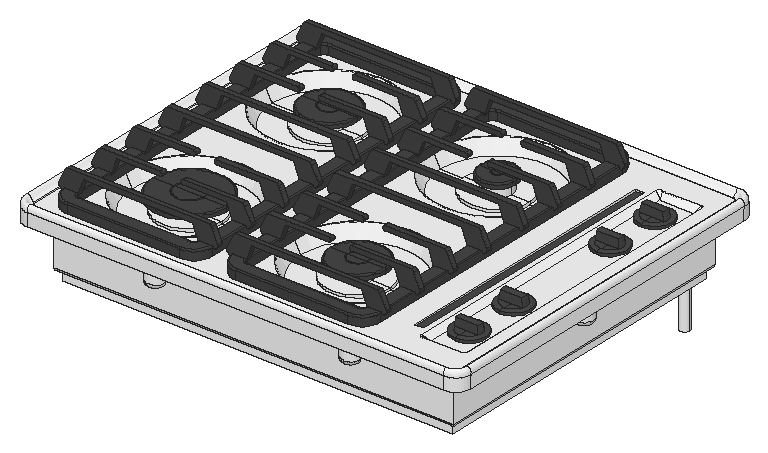
Revit family "QF_Summit_WTL033S_Cooktop", category Specialty Equipment, Revit 2020 (continued)
Definition of nested family "Summit_Cast"
  Forms (in)
    Extrusion 4, solid
      sketch origin (0, -6.75, 0) x (1, 0, 0) y (0, 0, 1)
        loop
          line (0.74803, 0.3877) -> (1.06188, 1.25) -> (6.93812, 1.25) -> (7.25197, 0.3877) -> (8.14564, 0.3877) -> (8.25406, 0.49612)
          arc (8.25406, 0.49612) -> (8.2924, 0.56977) -> (8.28157, 0.65209) r 0.13806
          line (8.28157, 0.65209) -> (7.93816, 1.38852) -> (7.82668, 1.5) -> (0.17332, 1.5) -> (0.06184, 1.38852) -> (-0.28157, 0.65209)
          arc (-0.28157, 0.65209) -> (-0.2924, 0.56977) -> (-0.25406, 0.49612) r 0.13806
          line (-0.25406, 0.49612) -> (-0.14564, 0.3877) -> (0.74803, 0.3877)
      from 1 to 1.25
    Extrusion 5, solid
      sketch origin (0, -4.5, 0) x (1, 0, 0) y (0, 0, 1)
        loop
          line (0.74803, 0.3877) -> (1.06188, 1.25) -> (3.36913, 1.25)
          arc (3.36913, 1.25) -> (3.49413, 1.375) -> (3.36913, 1.5) r 0.125
          line (3.36913, 1.5) -> (0.17332, 1.5) -> (0.06184, 1.38852) -> (-0.28157, 0.65209)
          arc (-0.28157, 0.65209) -> (-0.2924, 0.56977) -> (-0.25406, 0.49612) r 0.13806
          line (-0.25406, 0.49612) -> (-0.14564, 0.3877) -> (0.74803, 0.3877)
        loop
          line (7.25197, 0.3877) -> (8.14564, 0.3877) -> (8.25406, 0.49612)
          arc (8.25406, 0.49612) -> (8.2924, 0.56977) -> (8.28157, 0.65209) r 0.13806
          line (8.28157, 0.65209) -> (7.93816, 1.38852) -> (7.82668, 1.5) -> (4.62959, 1.5)
          arc (4.62959, 1.5) -> (4.50459, 1.375) -> (4.62959, 1.25) r 0.125
          line (4.62959, 1.25) -> (6.93812, 1.25) -> (7.25197, 0.3877)
      from 1 to 1.25
    Extrusion 6, solid
      sketch origin (0, -18.25, 0) x (1, 0, 0) y (0, 0, -1)
        loop
          line (0.74803, -0.3877) -> (-0.14564, -0.3877) -> (-0.25406, -0.49612)
          arc (-0.25406, -0.49612) -> (-0.2924, -0.56977) -> (-0.28157, -0.65209) r 0.13806
          line (-0.28157, -0.65209) -> (0.06184, -1.38852) -> (0.17332, -1.5) -> (7.82668, -1.5) -> (7.93816, -1.38852) -> (8.28157, -0.65209)
          arc (8.28157, -0.65209) -> (8.2924, -0.56977) -> (8.25406, -0.49612) r 0.13806
          line (8.25406, -0.49612) -> (8.14564, -0.3877) -> (7.25197, -0.3877) -> (6.93812, -1.25) -> (1.06188, -1.25) -> (0.74803, -0.3877)
      from 1 to 1.25
    Extrusion 7, solid
      sketch origin (0, -16, 0) x (1, 0, 0) y (0, 0, -1)
        loop
          line (0.74803, -0.3877) -> (-0.14564, -0.3877) -> (-0.25406, -0.49612)
          arc (-0.25406, -0.49612) -> (-0.2924, -0.56977) -> (-0.28157, -0.65209) r 0.13806
          line (-0.28157, -0.65209) -> (0.06184, -1.38852) -> (0.17332, -1.5) -> (3.36913, -1.5)
          arc (3.36913, -1.5) -> (3.49413, -1.375) -> (3.36913, -1.25) r 0.125
          line (3.36913, -1.25) -> (1.06188, -1.25) -> (0.74803, -0.3877)
        loop
          line (7.25197, -0.3877) -> (6.93812, -1.25) -> (4.62959, -1.25)
          arc (4.62959, -1.25) -> (4.50459, -1.375) -> (4.62959, -1.5) r 0.125
          line (4.62959, -1.5) -> (7.82668, -1.5) -> (7.93816, -1.38852) -> (8.28157, -0.65209)
          arc (8.28157, -0.65209) -> (8.2924, -0.56977) -> (8.25406, -0.49612) r 0.13806
          line (8.25406, -0.49612) -> (8.14564, -0.3877) -> (7.25197, -0.3877)
      from 1 to 1.25
    Extrusion 8, solid
      sketch origin (0, -11.5, 0) x (1, 0, 0) y (0, 0, -1)
        loop
          line (0.74803, -0.3877) -> (-0.14564, -0.3877) -> (-0.25406, -0.49612)
          arc (-0.25406, -0.49612) -> (-0.2924, -0.56977) -> (-0.28157, -0.65209) r 0.13806
          line (-0.28157, -0.65209) -> (0.06184, -1.38852) -> (0.17332, -1.5) -> (7.82668, -1.5) -> (7.93816, -1.38852) -> (8.28157, -0.65209)
          arc (8.28157, -0.65209) -> (8.2924, -0.56977) -> (8.25406, -0.49612) r 0.13806
          line (8.25406, -0.49612) -> (8.14564, -0.3877) -> (7.25197, -0.3877) -> (6.93812, -1.25) -> (1.06188, -1.25) -> (0.74803, -0.3877)
      from 1 to 1.25
    Extrusion 9, solid
      sketch origin (0, -13.75, 0) x (1, 0, 0) y (0, 0, -1)
        loop
          line (0.74803, -0.3877) -> (-0.14564, -0.3877) -> (-0.25406, -0.49612)
          arc (-0.25406, -0.49612) -> (-0.2924, -0.56977) -> (-0.28157, -0.65209) r 0.13806
          line (-0.28157, -0.65209) -> (0.06184, -1.38852) -> (0.17332, -1.5) -> (3.36913, -1.5)
          arc (3.36913, -1.5) -> (3.49413, -1.375) -> (3.36913, -1.25) r 0.125
          line (3.36913, -1.25) -> (1.06188, -1.25) -> (0.74803, -0.3877)
        loop
          line (7.25197, -0.3877) -> (6.93812, -1.25) -> (4.62959, -1.25)
          arc (4.62959, -1.25) -> (4.50459, -1.375) -> (4.62959, -1.5) r 0.125
          line (4.62959, -1.5) -> (7.82668, -1.5) -> (7.93816, -1.38852) -> (8.28157, -0.65209)
          arc (8.28157, -0.65209) -> (8.2924, -0.56977) -> (8.25406, -0.49612) r 0.13806
          line (8.25406, -0.49612) -> (8.14564, -0.3877) -> (7.25197, -0.3877)
      from 1 to 1.25
  Lines and regions (in)
    symbolic lines
      curve 1: line (7, -0.75, 1.5) -> (1, -0.75, 1.5)
      curve 2: arc (1, -0.75, 1.5) -> (0.82322, -0.82322, 1.5) -> (0.75, -1, 1.5) r 0.25
      curve 3: line (0.75, -1, 1.5) -> (0.75, -3.25, 1.5)
      curve 4: arc (0.75, -17.25, 1.5) -> (0.82322, -17.42678, 1.5) -> (1, -17.5, 1.5) r 0.25
      curve 5: line (1, -17.5, 1.5) -> (7, -17.5, 1.5)
      curve 6: arc (7, -17.5, 1.5) -> (7.17678, -17.42678, 1.5) -> (7.25, -17.25, 1.5) r 0.25
      curve 7: arc (7.25, -1, 1.5) -> (7.17678, -0.82322, 1.5) -> (7, -0.75, 1.5) r 0.25
      curve 8: arc (0, -1, 1.5) -> (0.29289, -0.29289, 1.5) -> (1, 0, 1.5) r 1
      curve 9: line (1, 0, 1.5) -> (7, 0, 1.5)
      curve 10: arc (7, 0, 1.5) -> (7.70711, -0.29289, 1.5) -> (8, -1, 1.5) r 1
      curve 11: arc (8, -17.25, 1.5) -> (7.70711, -17.95711, 1.5) -> (7, -18.25, 1.5) r 1
      curve 12: line (7, -18.25, 1.5) -> (1, -18.25, 1.5)
      curve 13: arc (1, -18.25, 1.5) -> (0.29289, -17.95711, 1.5) -> (0, -17.25, 1.5) r 1
      curve 14: line (-0.2945, -1.25, 1.5) -> (8.2945, -1.25, 1.5)
      curve 15: line (8.2945, -1, 1.5) -> (-0.2945, -1, 1.5)
      curve 16: line (-0.2945, -1, 1.5) -> (-0.2945, -1.25, 1.5)
      curve 17: line (8.2945, -1, 1.5) -> (8.2945, -1.25, 1.5)
      curve 18: line (4.50459, -3.25, 1.5) -> (8.2945, -3.25, 1.5)
      curve 19: line (4.50459, -3.5, 1.5) -> (4.50459, -3.25, 1.5)
      curve 20: line (8.2945, -3.5, 1.5) -> (4.50459, -3.5, 1.5)
      curve 21: line (8.2945, -3.25, 1.5) -> (8.2945, -3.5, 1.5)
      curve 22: line (-0.2945, -3.25, 1.5) -> (3.49413, -3.25, 1.5)
      curve 23: line (-0.2945, -3.5, 1.5) -> (-0.2945, -3.25, 1.5)
      curve 24: line (3.49413, -3.5, 1.5) -> (0, -3.5, 1.5)
      curve 25: line (3.49413, -3.25, 1.5) -> (3.49413, -3.5, 1.5)
      curve 26: line (-0.2945, -5.5, 1.5) -> (3.49413, -5.5, 1.5)
      curve 27: line (-0.2945, -5.75, 1.5) -> (-0.2945, -5.5, 1.5)
      curve 28: line (3.49413, -5.75, 1.5) -> (-0.2945, -5.75, 1.5)
      curve 29: line (3.49413, -5.5, 1.5) -> (3.49413, -5.75, 1.5)
      curve 30: line (4.50459, -5.5, 1.5) -> (8.2945, -5.5, 1.5)
      curve 31: line (4.50459, -5.75, 1.5) -> (4.50459, -5.5, 1.5)
      curve 32: line (8.2945, -5.75, 1.5) -> (4.50459, -5.75, 1.5)
      curve 33: line (8.2945, -5.5, 1.5) -> (8.2945, -5.75, 1.5)
      curve 34: line (-0.2945, -7.75, 1.5) -> (8.2945, -7.75, 1.5)
      curve 35: line (-0.2945, -8, 1.5) -> (-0.2945, -7.75, 1.5)
      curve 36: line (8.2945, -8, 1.5) -> (-0.2945, -8, 1.5)
      curve 37: line (8.2945, -7.75, 1.5) -> (8.2945, -8, 1.5)
      curve 38: line (-0.2945, -10.25, 1.5) -> (8.2945, -10.25, 1.5)
      curve 39: line (-0.2945, -10.5, 1.5) -> (-0.2945, -10.25, 1.5)
      curve 40: line (8.2945, -10.5, 1.5) -> (-0.2945, -10.5, 1.5)
      curve 41: line (8.2945, -10.25, 1.5) -> (8.2945, -10.5, 1.5)
      curve 42: line (-0.2945, -12.5, 1.5) -> (3.49413, -12.5, 1.5)
      curve 43: line (-0.2945, -12.75, 1.5) -> (-0.2945, -12.5, 1.5)
      curve 44: line (3.49413, -12.75, 1.5) -> (-0.2945, -12.75, 1.5)
      curve 45: line (3.49413, -12.5, 1.5) -> (3.49413, -12.75, 1.5)
      curve 46: line (4.50459, -12.5, 1.5) -> (8.2945, -12.5, 1.5)
      curve 47: line (4.50459, -12.75, 1.5) -> (4.50459, -12.5, 1.5)
      curve 48: line (8.2945, -12.75, 1.5) -> (4.50459, -12.75, 1.5)
      curve 49: line (8.2945, -12.5, 1.5) -> (8.2945, -12.75, 1.5)
      curve 50: line (-0.2945, -14.75, 1.5) -> (3.49413, -14.75, 1.5)
      curve 51: line (-0.2945, -15, 1.5) -> (-0.2945, -14.75, 1.5)
      curve 52: line (3.49413, -15, 1.5) -> (-0.2945, -15, 1.5)
      curve 53: line (3.49413, -14.75, 1.5) -> (3.49413, -15, 1.5)
      curve 54: line (4.50459, -14.75, 1.5) -> (8.2945, -14.75, 1.5)
      curve 55: line (4.50459, -15, 1.5) -> (4.50459, -14.75, 1.5)
      curve 56: line (8.2945, -15, 1.5) -> (4.50459, -15, 1.5)
      curve 57: line (8.2945, -14.75, 1.5) -> (8.2945, -15, 1.5)
      curve 58: line (-0.2945, -17, 1.5) -> (8.2945, -17, 1.5)
      curve 59: line (-0.2945, -17.25, 1.5) -> (-0.2945, -17, 1.5)
      curve 60: line (8.2945, -17.25, 1.5) -> (-0.2945, -17.25, 1.5)
      curve 61: line (8.2945, -17, 1.5) -> (8.2945, -17.25, 1.5)
      curve 62: line (8, -1.25, 1.5) -> (8, -3.25, 1.5)
      curve 63: line (0, -3.25, 1.5) -> (0, -1.25, 1.5)
      curve 64: line (0, -3.5, 1.5) -> (-0.2945, -3.5, 1.5)
      curve 65: line (0.75, -3.5, 1.5) -> (0.75, -5.5, 1.5)
      curve 66: line (7.25, -3.25, 1.5) -> (7.25, -1, 1.5)
      curve 67: line (8, -3.5, 1.5) -> (8, -5.5, 1.5)
      curve 68: line (8, -5.75, 1.5) -> (8, -7.75, 1.5)
      curve 69: line (7.25, -5.5, 1.5) -> (7.25, -3.5, 1.5)
      curve 70: line (0.75, -5.75, 1.5) -> (0.75, -7.75, 1.5)
      curve 71: line (0, -5.5, 1.5) -> (0, -3.5, 1.5)
      curve 72: line (0, -7.75, 1.5) -> (0, -5.75, 1.5)
      curve 73: line (0.75, -8, 1.5) -> (0.75, -10.25, 1.5)
      curve 74: line (7.25, -7.75, 1.5) -> (7.25, -5.75, 1.5)
      curve 75: line (8, -8, 1.5) -> (8, -10.25, 1.5)
      curve 76: line (8, -10.5, 1.5) -> (8, -12.5, 1.5)
      curve 77: line (7.25, -10.25, 1.5) -> (7.25, -8, 1.5)
      curve 78: line (8, -12.75, 1.5) -> (8, -14.75, 1.5)
      curve 79: line (7.25, -12.5, 1.5) -> (7.25, -10.5, 1.5)
      curve 80: line (8, -15, 1.5) -> (8, -17, 1.5)
      curve 81: line (7.25, -14.75, 1.5) -> (7.25, -12.75, 1.5)
      curve 82: line (0.75, -12.75, 1.5) -> (0.75, -14.75, 1.5)
      curve 83: line (0.75, -10.5, 1.5) -> (0.75, -12.5, 1.5)
      curve 84: line (0, -12.5, 1.5) -> (0, -8, 1.5)
      curve 85: line (0, -14.75, 1.5) -> (0, -12.75, 1.5)
      curve 86: line (0.75, -15, 1.5) -> (0.75, -17, 1.5)
      curve 87: line (7.25, -17, 1.5) -> (7.25, -15, 1.5)
      curve 88: line (0, -17, 1.5) -> (0, -15, 1.5)
  Dimensions and locks (in)
    equal spacing: plane 3 "LEFT", plane 7 "Center Y", plane 4 "RIGHT"
    "Length": plane 3 "LEFT" to plane 4 "RIGHT"
    equal spacing: plane 5 "FRONT", plane 8 "Center X", plane 1 "BACK"
    "Depth": plane 5 "FRONT" to plane 1 "BACK"
    "Height": plane 6 "TOP" to level
    aligned and locked: level to plane 2
  Automatic sketch dimensions
    Sweep 1 sketch curve to plane 4 "RIGHT" = 0"
    plane 5 "FRONT" to Sweep 1 sketch curve = 0"
    plane 1 "BACK" to Sweep 1 sketch curve = 0"
    Sweep 1 sketch curve to plane 3 "LEFT" = 0"
    Sweep 1 sketch curve to Sweep 1 sketch curve = 1"
    plane 4 "RIGHT" to Sweep 1 sketch curve = 1"
    plane 3 "LEFT" to Sweep 1 sketch curve = 1"  (x2)
    Sweep 1 sketch curve to profile plane = 0"
    profile plane to Sweep 1 sketch curve = 1/16"
    Sweep 1 sketch curve to Sweep 1 sketch curve = 5/8"
    Sweep 1 sketch curve to Sweep 1 sketch curve = 1/16"
    Sweep 1 sketch curve to plane 6 "TOP" = 1 1/2"
    Sweep 1 sketch curve to Sweep 1 sketch curve = 7/16"
    Extrusion 2 sketch curve to plane 6 "TOP" = 0"
    Extrusion 2 sketch curve to plane 3 "LEFT" = 0.28157"
    Extrusion 2 sketch curve to Extrusion 2 sketch curve = 0.0275"
    Extrusion 2 sketch curve to Extrusion 2 sketch curve = 0.12513"  (x2)
    Extrusion 2 sketch curve to plane 3 "LEFT" = 0.14564"
    plane 3 "LEFT" to Extrusion 2 sketch curve = 0.06184"
    Extrusion 2 sketch curve to Extrusion 2 sketch curve = 0.11148"
    plane 3 "LEFT" to Extrusion 2 sketch curve = 0.74803"
    Extrusion 2 sketch curve to plane 6 "TOP" = 1/4"
    Extrusion 2 sketch curve to Extrusion 2 sketch curve = 0.31385"
    plane 4 "RIGHT" to Extrusion 2 sketch curve = 1.06188"
    plane 4 "RIGHT" to Extrusion 2 sketch curve = 0.74803"
    plane 4 "RIGHT" to Extrusion 2 sketch curve = 0.17332"
    plane 4 "RIGHT" to Extrusion 2 sketch curve = 0.06184"
    Extrusion 2 sketch curve to plane 4 "RIGHT" = 0.14564"
    Extrusion 2 sketch curve to plane 4 "RIGHT" = 0.15644"
    Extrusion 2 sketch curve to Extrusion 2 sketch curve = 0.09762"
    level to Extrusion 2 sketch curve = 0.65209"  (x2)
    Extrusion 2 sketch curve to Extrusion 2 sketch curve = 0.05835"  (x2)
    level to Extrusion 2 sketch curve = 0.3877"
    Extrusion 2 sketch curve to Extrusion 2 sketch curve = 0.10842"
    Extrusion 2 sketch curve to plane 6 "TOP" = 0.11148"  (x2)
    Extrusion 3 sketch curve to plane 6 "TOP" = 0"  (x2)
    Extrusion 3 sketch curve to plane 3 "LEFT" = 0.28157"
    Extrusion 3 sketch curve to Extrusion 3 sketch curve = 0.0275"
    Extrusion 3 sketch curve to Extrusion 3 sketch curve = 0.12513"  (x2)
    Extrusion 3 sketch curve to plane 3 "LEFT" = 0.14564"
    plane 3 "LEFT" to Extrusion 3 sketch curve = 0.06184"
    Extrusion 3 sketch curve to Extrusion 3 sketch curve = 0.11148"
    plane 3 "LEFT" to Extrusion 3 sketch curve = 0.74803"
    Extrusion 3 sketch curve to plane 6 "TOP" = 1/4"  (x2)
    Extrusion 3 sketch curve to Extrusion 3 sketch curve = 0.31385"
    Extrusion 3 sketch curve to plane 7 "Center Y" = 0.63087"
    plane 7 "Center Y" to Extrusion 3 sketch curve = 0.62959"
    plane 4 "RIGHT" to Extrusion 3 sketch curve = 1.06188"
    plane 4 "RIGHT" to Extrusion 3 sketch curve = 0.74803"
    plane 4 "RIGHT" to Extrusion 3 sketch curve = 0.17332"
    plane 4 "RIGHT" to Extrusion 3 sketch curve = 0.06184"
    Extrusion 3 sketch curve to plane 4 "RIGHT" = 0.14564"
    Extrusion 3 sketch curve to plane 4 "RIGHT" = 0.15644"
    Extrusion 3 sketch curve to Extrusion 3 sketch curve = 0.09762"
    level to Extrusion 3 sketch curve = 0.65209"  (x2)
    Extrusion 3 sketch curve to Extrusion 3 sketch curve = 0.05835"  (x2)
    level to Extrusion 3 sketch curve = 0.3877"
    Extrusion 3 sketch curve to Extrusion 3 sketch curve = 0.10842"
    Extrusion 3 sketch curve to plane 6 "TOP" = 0.11148"  (x2)
    Extrusion 4 sketch curve to plane 6 "TOP" = 0"
    Extrusion 4 sketch curve to plane 3 "LEFT" = 0.28157"
    Extrusion 4 sketch curve to Extrusion 4 sketch curve = 0.0275"
    Extrusion 4 sketch curve to Extrusion 4 sketch curve = 0.12513"  (x2)
    Extrusion 4 sketch curve to plane 3 "LEFT" = 0.14564"
    plane 3 "LEFT" to Extrusion 4 sketch curve = 0.06184"
    Extrusion 4 sketch curve to Extrusion 4 sketch curve = 0.11148"
    plane 3 "LEFT" to Extrusion 4 sketch curve = 0.74803"
    Extrusion 4 sketch curve to plane 6 "TOP" = 1/4"
    Extrusion 4 sketch curve to Extrusion 4 sketch curve = 0.31385"
    plane 4 "RIGHT" to Extrusion 4 sketch curve = 1.06188"
    plane 4 "RIGHT" to Extrusion 4 sketch curve = 0.74803"
    plane 4 "RIGHT" to Extrusion 4 sketch curve = 0.17332"
    plane 4 "RIGHT" to Extrusion 4 sketch curve = 0.06184"
    Extrusion 4 sketch curve to plane 4 "RIGHT" = 0.14564"
    Extrusion 4 sketch curve to plane 4 "RIGHT" = 0.15644"
    Extrusion 4 sketch curve to Extrusion 4 sketch curve = 0.09762"
    level to Extrusion 4 sketch curve = 0.65209"  (x2)
    Extrusion 4 sketch curve to Extrusion 4 sketch curve = 0.05835"  (x2)
    level to Extrusion 4 sketch curve = 0.3877"
    Extrusion 4 sketch curve to Extrusion 4 sketch curve = 0.10842"
    Extrusion 4 sketch curve to plane 6 "TOP" = 0.11148"  (x2)
    Extrusion 5 sketch curve to plane 6 "TOP" = 0"  (x2)
    Extrusion 5 sketch curve to plane 3 "LEFT" = 0.28157"
    Extrusion 5 sketch curve to Extrusion 5 sketch curve = 0.0275"
    Extrusion 5 sketch curve to Extrusion 5 sketch curve = 0.12513"  (x2)
    Extrusion 5 sketch curve to plane 3 "LEFT" = 0.14564"
    plane 3 "LEFT" to Extrusion 5 sketch curve = 0.06184"
    Extrusion 5 sketch curve to Extrusion 5 sketch curve = 0.11148"
    plane 3 "LEFT" to Extrusion 5 sketch curve = 0.74803"
    Extrusion 5 sketch curve to plane 6 "TOP" = 1/4"  (x2)
    Extrusion 5 sketch curve to Extrusion 5 sketch curve = 0.31385"
    Extrusion 5 sketch curve to plane 7 "Center Y" = 0.63087"
    plane 7 "Center Y" to Extrusion 5 sketch curve = 0.62959"
    plane 4 "RIGHT" to Extrusion 5 sketch curve = 1.06188"
    plane 4 "RIGHT" to Extrusion 5 sketch curve = 0.74803"
    plane 4 "RIGHT" to Extrusion 5 sketch curve = 0.17332"
    plane 4 "RIGHT" to Extrusion 5 sketch curve = 0.06184"
    Extrusion 5 sketch curve to plane 4 "RIGHT" = 0.14564"
    Extrusion 5 sketch curve to plane 4 "RIGHT" = 0.15644"
    Extrusion 5 sketch curve to Extrusion 5 sketch curve = 0.09762"
    level to Extrusion 5 sketch curve = 0.65209"  (x2)
    Extrusion 5 sketch curve to Extrusion 5 sketch curve = 0.05835"  (x2)
    level to Extrusion 5 sketch curve = 0.3877"
    Extrusion 5 sketch curve to Extrusion 5 sketch curve = 0.10842"
    Extrusion 5 sketch curve to plane 6 "TOP" = 0.11148"  (x2)
    Extrusion 6 sketch curve to plane 6 "TOP" = 0"
    Extrusion 6 sketch curve to plane 3 "LEFT" = 0.28157"
    Extrusion 6 sketch curve to Extrusion 6 sketch curve = 0.0275"
    Extrusion 6 sketch curve to Extrusion 6 sketch curve = 0.12513"  (x2)
    Extrusion 6 sketch curve to plane 3 "LEFT" = 0.14564"
    plane 3 "LEFT" to Extrusion 6 sketch curve = 0.06184"
    Extrusion 6 sketch curve to Extrusion 6 sketch curve = 0.11148"
    plane 3 "LEFT" to Extrusion 6 sketch curve = 0.74803"
    Extrusion 6 sketch curve to plane 6 "TOP" = 1/4"
    Extrusion 6 sketch curve to Extrusion 6 sketch curve = 0.31385"
    plane 4 "RIGHT" to Extrusion 6 sketch curve = 1.06188"
    plane 4 "RIGHT" to Extrusion 6 sketch curve = 0.74803"
    plane 4 "RIGHT" to Extrusion 6 sketch curve = 0.17332"
    plane 4 "RIGHT" to Extrusion 6 sketch curve = 0.06184"
    Extrusion 6 sketch curve to plane 4 "RIGHT" = 0.14564"
    Extrusion 6 sketch curve to plane 4 "RIGHT" = 0.15644"
    Extrusion 6 sketch curve to Extrusion 6 sketch curve = 0.09762"
    Extrusion 6 sketch curve to plane 6 "TOP" = 0.11148"  (x2)
    level to Extrusion 6 sketch curve = 0.65209"  (x2)
    Extrusion 6 sketch curve to Extrusion 6 sketch curve = 0.05835"  (x2)
    Extrusion 6 sketch curve to Extrusion 6 sketch curve = 0.10842"
    level to Extrusion 6 sketch curve = 0.3877"
    Extrusion 7 sketch curve to plane 6 "TOP" = 0"  (x2)
    Extrusion 7 sketch curve to plane 3 "LEFT" = 0.28157"
    Extrusion 7 sketch curve to Extrusion 7 sketch curve = 0.0275"
    Extrusion 7 sketch curve to Extrusion 7 sketch curve = 0.12513"  (x2)
    Extrusion 7 sketch curve to plane 3 "LEFT" = 0.14564"
    plane 3 "LEFT" to Extrusion 7 sketch curve = 0.06184"
    Extrusion 7 sketch curve to Extrusion 7 sketch curve = 0.11148"
    plane 3 "LEFT" to Extrusion 7 sketch curve = 0.74803"
    Extrusion 7 sketch curve to plane 6 "TOP" = 1/4"  (x2)
    Extrusion 7 sketch curve to Extrusion 7 sketch curve = 0.31385"
    Extrusion 7 sketch curve to plane 7 "Center Y" = 0.63087"
    plane 7 "Center Y" to Extrusion 7 sketch curve = 0.62959"
    plane 4 "RIGHT" to Extrusion 7 sketch curve = 1.06188"
    plane 4 "RIGHT" to Extrusion 7 sketch curve = 0.74803"
    plane 4 "RIGHT" to Extrusion 7 sketch curve = 0.17332"
    plane 4 "RIGHT" to Extrusion 7 sketch curve = 0.06184"
    Extrusion 7 sketch curve to plane 4 "RIGHT" = 0.14564"
    Extrusion 7 sketch curve to plane 4 "RIGHT" = 0.15644"
    Extrusion 7 sketch curve to Extrusion 7 sketch curve = 0.09762"
    Extrusion 7 sketch curve to plane 6 "TOP" = 0.11148"  (x2)
    level to Extrusion 7 sketch curve = 0.65209"  (x2)
    Extrusion 7 sketch curve to Extrusion 7 sketch curve = 0.05835"  (x2)
    Extrusion 7 sketch curve to Extrusion 7 sketch curve = 0.10842"
    level to Extrusion 7 sketch curve = 0.3877"
    Extrusion 8 sketch curve to plane 6 "TOP" = 0"
    Extrusion 8 sketch curve to plane 3 "LEFT" = 0.28157"
    Extrusion 8 sketch curve to Extrusion 8 sketch curve = 0.0275"
    Extrusion 8 sketch curve to Extrusion 8 sketch curve = 0.12513"  (x2)
    Extrusion 8 sketch curve to plane 3 "LEFT" = 0.14564"
    plane 3 "LEFT" to Extrusion 8 sketch curve = 0.06184"
    Extrusion 8 sketch curve to Extrusion 8 sketch curve = 0.11148"
    plane 3 "LEFT" to Extrusion 8 sketch curve = 0.74803"
    Extrusion 8 sketch curve to plane 6 "TOP" = 1/4"
    Extrusion 8 sketch curve to Extrusion 8 sketch curve = 0.31385"
    plane 4 "RIGHT" to Extrusion 8 sketch curve = 1.06188"
    plane 4 "RIGHT" to Extrusion 8 sketch curve = 0.74803"
    plane 4 "RIGHT" to Extrusion 8 sketch curve = 0.17332"
    plane 4 "RIGHT" to Extrusion 8 sketch curve = 0.06184"
    Extrusion 8 sketch curve to plane 4 "RIGHT" = 0.14564"
    Extrusion 8 sketch curve to plane 4 "RIGHT" = 0.15644"
    Extrusion 8 sketch curve to Extrusion 8 sketch curve = 0.09762"
    Extrusion 8 sketch curve to plane 6 "TOP" = 0.11148"  (x2)
    level to Extrusion 8 sketch curve = 0.65209"  (x2)
    Extrusion 8 sketch curve to Extrusion 8 sketch curve = 0.05835"  (x2)
    Extrusion 8 sketch curve to Extrusion 8 sketch curve = 0.10842"
    level to Extrusion 8 sketch curve = 0.3877"
    Extrusion 9 sketch curve to plane 6 "TOP" = 0"  (x2)
    Extrusion 9 sketch curve to plane 3 "LEFT" = 0.28157"
    Extrusion 9 sketch curve to Extrusion 9 sketch curve = 0.0275"
    Extrusion 9 sketch curve to Extrusion 9 sketch curve = 0.12513"  (x2)
    Extrusion 9 sketch curve to plane 3 "LEFT" = 0.14564"
    plane 3 "LEFT" to Extrusion 9 sketch curve = 0.06184"
    Extrusion 9 sketch curve to Extrusion 9 sketch curve = 0.11148"
    plane 3 "LEFT" to Extrusion 9 sketch curve = 0.74803"
    Extrusion 9 sketch curve to plane 6 "TOP" = 1/4"  (x2)
    Extrusion 9 sketch curve to Extrusion 9 sketch curve = 0.31385"
    Extrusion 9 sketch curve to plane 7 "Center Y" = 0.63087"
    plane 7 "Center Y" to Extrusion 9 sketch curve = 0.62959"
    plane 4 "RIGHT" to Extrusion 9 sketch curve = 1.06188"
    plane 4 "RIGHT" to Extrusion 9 sketch curve = 0.74803"
    plane 4 "RIGHT" to Extrusion 9 sketch curve = 0.17332"
    plane 4 "RIGHT" to Extrusion 9 sketch curve = 0.06184"
    Extrusion 9 sketch curve to plane 4 "RIGHT" = 0.14564"
    Extrusion 9 sketch curve to plane 4 "RIGHT" = 0.15644"
    Extrusion 9 sketch curve to Extrusion 9 sketch curve = 0.09762"
    Extrusion 9 sketch curve to plane 6 "TOP" = 0.11148"  (x2)
    level to Extrusion 9 sketch curve = 0.65209"  (x2)
    Extrusion 9 sketch curve to Extrusion 9 sketch curve = 0.05835"  (x2)
    Extrusion 9 sketch curve to Extrusion 9 sketch curve = 0.10842"
    level to Extrusion 9 sketch curve = 0.3877"
    curve 2 to curve 8 = 0"  (x2)
    curve 4 to curve 13 = 0"
    curve 6 to curve 11 = 0"
    curve 7 to curve 10 = 0"  (x2)
    curve 62 to plane 4 "RIGHT" = 0"
    curve 10 to plane 4 "RIGHT" = 0"
    plane 1 "BACK" to curve 9 = 0"
    plane 5 "FRONT" to curve 11 = 0"
    curve 24 to plane 3 "LEFT" = 0"
    curve 63 to plane 3 "LEFT" = 0"
    curve 49 to plane 4 "RIGHT" = 0.2945"
    curve 30 to plane 4 "RIGHT" = 0.2945"
    curve 14 to plane 4 "RIGHT" = 0.2945"
    curve 41 to plane 4 "RIGHT" = 0.2945"
    curve 54 to plane 4 "RIGHT" = 0.2945"
    curve 18 to plane 4 "RIGHT" = 0.2945"
    curve 37 to plane 4 "RIGHT" = 0.2945"
    curve 58 to plane 4 "RIGHT" = 0.2945"
    curve 10 to curve 66 = 3/4"
    curve 66 to curve 10 = 1/4"
    plane 7 "Center Y" to curve 20 = 0.50459"
    plane 7 "Center Y" to curve 55 = 0.50459"
    plane 7 "Center Y" to curve 46 = 0.50459"
    plane 7 "Center Y" to curve 32 = 0.50459"
    curve 29 to plane 7 "Center Y" = 0.50587"
    curve 42 to plane 7 "Center Y" = 0.50587"
    curve 22 to plane 7 "Center Y" = 0.50587"
    curve 53 to plane 7 "Center Y" = 0.50587"
    curve 63 to curve 14 = 0.2945"
    curve 50 to plane 3 "LEFT" = 0.2945"
    curve 44 to plane 3 "LEFT" = 0.2945"
    curve 40 to plane 3 "LEFT" = 0.2945"
    curve 63 to curve 22 = 0.2945"
    curve 58 to plane 3 "LEFT" = 0.2945"
    curve 36 to plane 3 "LEFT" = 0.2945"
    curve 26 to plane 3 "LEFT" = 0.2945"
    curve 15 to curve 16 = 1/4"
    curve 14 to curve 18 = 2"
    curve 22 to curve 18 = 0"
    curve 18 to curve 19 = 1/4"
    curve 22 to curve 24 = 1/4"
    curve 22 to curve 64 = 1/4"
    curve 19 to curve 30 = 2"
    curve 29 to curve 30 = 0"
    curve 30 to curve 31 = 1/4"
    curve 26 to curve 29 = 1/4"
    plane 8 "Center X" to curve 35 = 1 3/8"
    curve 34 to curve 37 = 1/4"
    curve 41 to plane 8 "Center X" = 1 1/8"
    curve 38 to curve 41 = 1/4"
    curve 40 to curve 46 = 2"
    curve 39 to curve 43 = 2"
    curve 46 to curve 49 = 1/4"
    curve 42 to curve 45 = 1/4"
    curve 43 to curve 51 = 2"
    curve 50 to curve 54 = 0"
    curve 54 to curve 55 = 1/4"
    curve 50 to curve 51 = 1/4"
    curve 59 to curve 13 = 1/4"
    curve 8 to plane 3 "LEFT" = 0"
    curve 69 to curve 66 = 0"
    curve 11 to plane 4 "RIGHT" = 0"
    curve 67 to plane 4 "RIGHT" = 0"
    curve 65 to curve 70 = 0"
    curve 72 to plane 3 "LEFT" = 0"
    curve 70 to curve 73 = 0"
    curve 74 to curve 77 = 0"
    curve 68 to plane 4 "RIGHT" = 0"
    curve 75 to plane 4 "RIGHT" = 0"
    curve 68 to curve 74 = 3/4"
    curve 76 to plane 4 "RIGHT" = 0"
    curve 79 to curve 77 = 0"
    curve 78 to plane 4 "RIGHT" = 0"
    curve 81 to curve 79 = 0"
    plane 3 "LEFT" to curve 70 = 3/4"
    curve 83 to curve 82 = 0"
    curve 84 to plane 3 "LEFT" = 0"
    curve 85 to plane 3 "LEFT" = 0"
    curve 82 to curve 86 = 0"
    curve 80 to plane 4 "RIGHT" = 0"
    curve 87 to curve 81 = 0"
    curve 87 to curve 5 = 1/4"
    plane 3 "LEFT" to curve 82 = 3/4"
    curve 4 to curve 4 = 1/4"
    curve 88 to plane 3 "LEFT" = 0"
    curve 13 to plane 3 "LEFT" = 0"
